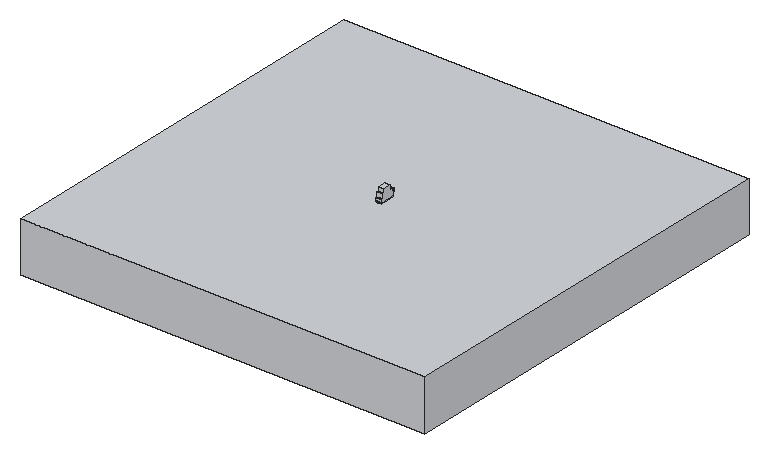
Revit family "Gira_212600", category Elektroinstallationen, Revit 2017
Family settings
  Basisbauteil = Fläche
  Beschriftungsausrichtung beibehalten = Nein
  Bemaßung runder Anschluss = Durchmesser verwenden
  Teiletyp = Normal
  Beim Laden mit Abzugskörper schneiden = Nein
  Gemeinsam genutzt = Nein
  Raumberechnungspunkt = Nein
Parameters (values of type "Binäreing. 6f 10 - 230 V AC/DC KNX REG")
  Default Elevation = 1219.2 mm
  Vor Ort-/Handbedienung = no
  URL = "https://www.gira.de/"
  Typname = "Binäreing. 6f 10 - 230 V AC/DC KNX REG"
  Type Comments = ""
  Stromart = ""
  Schutzart (IP) = ""
  Produktseite = "https://media.stage.bim.site/t/eyJhbGciOiJIUzI1NiIsInR5cCI6IkpXVCJ9.eyJjdCI6MiwidHUiOiJodHRwOi8va2F0YWxvZy5naXJhLmRlL2RlX0RFL2RhdGVuYmxhdHQuaHRtbD9hcnRpa2VsbnI9MjEyNjAwIiwiY2lkIjoiMzI3N2NjMjMtODFhOS00ZWUzLWE5MGEtYjQ3YmI0YzBiNjE2IiwicmlkIjoiMWY4ZTliZDQwMGMxNTg3YzY4NWQ0YTI2MGUzYjhmYWEiLCJwaWQiOiJlMDdlNmRmNjg0YmRhYzE3YzZkMWExMmQ3NWMwOTVlNWJkZjhiYWEyIiwic2lkIjoiNjM0NzAiLCJ1dCI6MSwibGMiOiJkZSIsImlhdCI6MTYwMDkzOTQ0NywiaXNzIjoiaHR0cHM6Ly9hcGkubGl2ZS5iaW0uc2l0ZSIsInN1YiI6ImFkbWluQGJpbXNpdGUuZGV2In0.Cv5Muhsr50u4F9N5Qb3IXpHSccfCIQlJcCmeOFWJlxk"
  Montageart = ""
  Model = ""
  Mit LED-Anzeige = no
  Mit Busankopplung = no
  Max. Schaltleistung [Voltampere] = 0
  Max. Anzahl der Jalousieausgänge = 0
  Kosten = 0
  Installationstechnik = ""
  Hersteller = "Gira"
  HeinzeBIM = "https://www.heinze.de/bim/binaereing-6f-10-230-v-ac-dc-knx-reg/e07e6df684bdac17c6d1a12d75c095e5bdf8baa2"
  HAN = "212600"
  GTIN = "4010337018834"
  Funktion Schalten = no
  Funktion = ""
  Datenblatt 1 = "https://media.stage.bim.site/t/eyJhbGciOiJIUzI1NiIsInR5cCI6IkpXVCJ9.eyJjdCI6MSwidGYiOiJwdWJsaWMvZ2lyYS9hZThjNTU3LzIxMjYwMC50eHQiLCJjaWQiOiIzMjc3Y2MyMy04MWE5LTRlZTMtYTkwYS1iNDdiYjRjMGI2MTYiLCJyaWQiOiIxZjhlOWJkNDAwYzE1ODdjNjg1ZDRhMjYwZTNiOGZhYSIsInBpZCI6ImUwN2U2ZGY2ODRiZGFjMTdjNmQxYTEyZDc1YzA5NWU1YmRmOGJhYTIiLCJzaWQiOiI2MzQ3MCIsInV0IjoxLCJsYyI6ImRlIiwiaWF0IjoxNjAwOTM5NDQ3LCJpc3MiOiJodHRwczovL2FwaS5saXZlLmJpbS5zaXRlIiwic3ViIjoiYWRtaW5AYmltc2l0ZS5kZXYifQ.vr6FHfhVB1dnxlkIzSO08dixOP-6OcwMaGrxMB9KhvY/212600.txt"
  Datenblatt = "https://media.stage.bim.site/t/eyJhbGciOiJIUzI1NiIsInR5cCI6IkpXVCJ9.eyJjdCI6MSwidHUiOiJodHRwczovL2thdGFsb2cuZ2lyYS5kZS9kZV9ERS9kb3dubG9hZC5odG1sP2FydGlrZWxucj0yMTI2MDAiLCJjaWQiOiIzMjc3Y2MyMy04MWE5LTRlZTMtYTkwYS1iNDdiYjRjMGI2MTYiLCJyaWQiOiIxZjhlOWJkNDAwYzE1ODdjNjg1ZDRhMjYwZTNiOGZhYSIsInBpZCI6ImUwN2U2ZGY2ODRiZGFjMTdjNmQxYTEyZDc1YzA5NWU1YmRmOGJhYTIiLCJzaWQiOiI2MzQ3MCIsInV0IjoxLCJsYyI6ImRlIiwiaWF0IjoxNjAwOTM5NDQ3LCJpc3MiOiJodHRwczovL2FwaS5saXZlLmJpbS5zaXRlIiwic3ViIjoiYWRtaW5AYmltc2l0ZS5kZXYifQ.HG0rrxojtxS9G3tDzfFbfUM3usWZAEfYij4ne0PsB4A"
  Bussystem Powernet = no
  Bussystem LON = no
  Bussystem KNX-Funk = no
  Bussystem KNX = no
  Bussystem Funkbus = no
  Breite in Teilungseinheiten = 0
  Beschreibung = "KNX Binäreingang 6fach 10 - 230 V AC DC  REG plus REG-Binäreingänge zum Anschluss von Kontakten. Die Schaltvorgänge von Kontakten (z. B. Wächter bzw. Taster) werden in KNX Telegramme umgesetzt. Die Eingänge können dabei unabhängig voneinander verschiedenen Funktionen zugeordnet oder gesperrt werden. Signalanzeige über gelbe Status-LED möglich.  Merkmale:  Jeder Eingang verfügt über den vollen Funktionsumfang. Alle kanalorientierten Funktionen lassen sich separat für jeden Eingang parametrieren.  Aktiv sendende Telegramme der Eingänge lassen sich nach Busspannungswiederkehr oder nach einem ETS-Programmiervorgang global verzögern.  Entprellzeit und Telegrammratenbegrenzung konfigurierbar.  Freie Zuordnung der Funktionen Schalten, Dimmen, Jalousie, Wertgeber und Impulszähler zu den Eingängen.  Sperrobjekt zum Sperren einzelner Eingänge (Polarität des Sperrobjekts einstellbar) für die Funktionen Schalten, Dimmen, Jalousie und Wertgeber.  Verhalten bei Busspannungswiederkehr für jeden Eingang separat parametrierbar.  Funktion Schalten: zwei unabhängige Schaltobjekte für jeden Eingang vorhanden (Schaltbefehle sind einzeln parametrierbar), Befehl bei steigender und fallender Flanke unabhängig einstellbar (EIN, AUS, UM, keine Reaktion), unabhängiges zyklisches Senden der Schaltobjekte in Abhängigkeit der Flanke oder in Abhängigkeit des Objektwerts wählbar.  Funktion Dimmen: Einflächen- und Zweiflächenbedienung, Zeit zwischen Dimmen und Schalten und Dimmschrittweite einstellbar, Telegrammwiederholung und Stopptelegramm senden möglich.  Funktion Jalousie: Befehl bei steigender Flanke einstellbar (keine Funktion, AUF, AB, UM), Bedienkonzept parametrierbar (Step - Move - Step oder Move - Step), Zeit zwischen Kurz- und Langzeitbetrieb einstellbar (nur bei Step - Move - Step), Lamellenverstellzeit einstellbar.  Funktion Wertgeber: Flanke (Taster als Schließer, Taster als Öffner, Schalter) und Wert bei Flanke parametrierbar, Wertverstellung bei Taster über langen Tastendruck für Wertgeber möglich, Lichtszenennebenstelle mit Speicherfunktion auch Speicherung der Szene ohne vorherigen Abruf möglich.  Funktion Impulszähler: Zählintervall einstellbar, Flanke (Zählen bei steigender Flanke, Zählen bei fallender Flanke, Zählen bei steigender und fallender Flanke) parametrierbar, Anzahl der erforderlichen Impulse am Eingang parametrierbar, Anzahl der erforderlichen Zählimpulse für eine Zähleränderung parametrierbar, Jeder Eingang beinhaltet einen Hauptzähler und einen Zwischenzähler, Hauptzähler und Zwischenzähler können getrennt voneinander als Vorwärts- oder Rückwärtszähler arbeiten, Start- und Endwerte der Zähler können über Parameter oder Kommunikationsobjekt vorgegeben werden, Abfrage Zählerstand über KNX oder automatisch, Verhalten nach Ablauf des Zählers ist parametrierbar, Impulszähler über KNX zurücksetzten (Zähler-Reset).  Der Binäreingang hat sechs voneinander unabhängige Eingänge an die elektrische Signale im Spannungsbereich von 10 bis 230 V angeschlossen werden.  Eingänge 1 bis 3 und Eingänge 4 bis 6 haben jeweils ein gemeinsames Bezugspotenzial. Es sind daher pro Eingangsgruppe unterschiedliche Außenleiter anschließbar, z. B.: E1-E3 = L1 und E4-E6 = L2.  Auswertung von Gleichspannungssignale (DC) oder Wechselspannungssignale (AC)."
  Assembly Code = ""
  Keynote = ""
  BIMSITE_PRODUCT_ID = "e07e6df684bdac17c6d1a12d75c095e5bdf8baa2"
  BIM = "https://media.stage.bim.site/t/eyJhbGciOiJIUzI1NiIsInR5cCI6IkpXVCJ9.eyJjdCI6MSwidGYiOiJwdWJsaWMvZ2lyYS9hZThjNTU3L0dpcmEgWDEgUkVHIEtOWC5yZmEiLCJjaWQiOiIzMjc3Y2MyMy04MWE5LTRlZTMtYTkwYS1iNDdiYjRjMGI2MTYiLCJyaWQiOiIxZjhlOWJkNDAwYzE1ODdjNjg1ZDRhMjYwZTNiOGZhYSIsInBpZCI6ImUwN2U2ZGY2ODRiZGFjMTdjNmQxYTEyZDc1YzA5NWU1YmRmOGJhYTIiLCJzaWQiOiI2MzQ3MCIsInV0Ijo1LCJsYyI6ImRlIiwiaWF0IjoxNjAwOTM5NDQ3LCJpc3MiOiJodHRwczovL2FwaS5saXZlLmJpbS5zaXRlIiwic3ViIjoiYWRtaW5AYmltc2l0ZS5kZXYifQ.hhh6dJvmrAzsig4hqiL0OJ_Qad3GGscmfdLoDBvhIZ0/Gira X1 REG KNX.rfa"
  Anzahl der Eingänge = 0
  Andere Bussysteme = ""
Reference planes
  plane 1 "Center (Front/Back)": y = 0
  plane 2: z = 0
  plane 3 "Center (Left/Right)": x = 0
Forms (mm)
  Extrusion 1, solid
    sketch origin (0, 0, 0) x (1, 0, 0) y (0, 1, 0)
      loop
        line (-1219.2, 1219.2) -> (-1219.2, -1219.2) -> (1219.2, -1219.2) -> (1219.2, 1219.2) -> (-1219.2, 1219.2)
    from 0 to -304.8
  Extrusion 2, solid, detail levels fine
    sketch origin (0, -0.2, 0) x (0, 1, 0) y (0, 0, 1)
      loop
        line (22.65, 43.82) -> (22.65, 68.77) -> (-22.25, 68.77) -> (-22.25, 43.82) -> (-30.4, 43.82) -> (-30.4, 19.42) -> (-44.8, 19.42) -> (-44.8, 1.97) -> (45.192, 1.97) -> (45.192, 28.47) -> (32.925, 28.47) -> (32.831, 39.259) -> (31.225, 41.242) -> (31.225, 43.82) -> (22.65, 43.82)
    from -17.95 to 17.95
  Extrusion 3, solid, detail levels fine
    sketch origin (0, -0.2, 0) x (0, 1, 0) y (0, 0, 1)
      loop
        line (45.192, 43.82) -> (31.225, 43.82) -> (31.225, 41.242) -> (32.831, 39.259) -> (32.925, 28.47) -> (45.192, 28.47) -> (45.192, 43.82)
    from -17.95 to -15.8
  Extrusion 4, solid, detail levels fine
    sketch origin (0, -0.2, 0) x (0, 1, 0) y (0, 0, -1)
      loop
        line (45.192, -43.82) -> (45.192, -28.47) -> (32.925, -28.47) -> (32.831, -39.259) -> (31.225, -41.242) -> (31.225, -43.82) -> (45.192, -43.82)
    from -17.95 to -15.8
  Extrusion 5, solid, detail levels fine
    sketch origin (0, -0.2, 0) x (0, 1, 0) y (0, 0, 1)
      loop
        line (31.5, 42.848) -> (31.5, 40.412)
        arc (31.5, 40.412) -> (38.359, 39.512) -> (45.192, 38.435) r 267
        line (45.192, 38.435) -> (45.192, 14.255)
        arc (45.192, 14.255) -> (50.205, 15.189) -> (55.2, 16.219) r 264.9
        line (55.2, 16.219) -> (55.2, 38.933)
        arc (55.2, 38.933) -> (43.394, 41.159) -> (31.5, 42.848) r 265
    from -15.506 to 15.5
  Extrusion 6, solid, detail levels fine
    sketch origin (0, -0.2, 0) x (0, 1, 0) y (0, 0, 1)
      loop
        line (45.2, 1.5) -> (17.774, 1.5) -> (17.905, -6.017)
        arc (17.905, -6.017) -> (20.285, -6.454) -> (22.7, -6.6) r 20
        arc (22.7, -6.6) -> (33.985, -5.009) -> (45.128, -2.618) r 160
        line (45.128, -2.618) -> (45.2, 1.5)
    from -17.95 to 18
  Extrusion 7, solid, detail levels fine
    sketch origin (0, -0.2, 0) x (0, 1, 0) y (0, 0, 1)
      loop
        line (17.905, -6.017) -> (17.824, -1.4) -> (16.8, -1.4) -> (14.749, -4.952)
        arc (14.749, -4.952) -> (16.305, -5.55) -> (17.905, -6.017) r 20
    from -17.95 to -13
  Extrusion 8, solid, detail levels fine
    sketch origin (0, -0.2, 0) x (0, 1, 0) y (0, 0, -1)
      loop
        arc (17.905, 6.017) -> (16.305, 5.55) -> (14.749, 4.952) r 20
        line (14.749, 4.952) -> (16.8, 1.4) -> (17.824, 1.4) -> (17.905, 6.017)
    from -17.95 to -13
  Extrusion 9, solid, detail levels fine
    sketch origin (0, -0.2, 0) x (0, 1, 0) y (0, 0, 1)
      loop
        line (17.8, 0) -> (17.774, 1.5) -> (-44.8, 1.5) -> (-44.774, 0) -> (17.8, 0)
    from -17.95 to 17.95
  Extrusion 10, solid, detail levels fine
    sketch origin (0, 0, 0) x (0, 1, 0) y (0, 0, 1)
      loop
        line (-48.916, -3.317) -> (-44.906, -3.881) -> (-44.974, 0) -> (-48.916, 0) -> (-48.916, -3.317)
    from -4.803 to 4.797
  Extrusion 11, solid, detail levels fine
    sketch origin (0, 0, 0) x (0, 1, 0) y (0, 0, 1)
      loop
        arc (-22.5, -6.6) -> (-20.811, -6.529) -> (-19.134, -6.315) r 20
        line (-19.134, -6.315) -> (-18.029, -3.279) -> (-18, 0) -> (-44.974, 0) -> (-44.928, -2.618)
        arc (-44.928, -2.618) -> (-33.785, -5.009) -> (-22.5, -6.6) r 160
    from -17.95 to -10.5
  Extrusion 12, solid, detail levels fine
    sketch origin (0, 0, 0) x (0, 1, 0) y (0, 0, -1)
      loop
        arc (-22.5, 6.6) -> (-33.785, 5.009) -> (-44.928, 2.618) r 160
        line (-44.928, 2.618) -> (-44.974, 0) -> (-18, 0) -> (-18.029, 3.279) -> (-19.134, 6.315)
        arc (-19.134, 6.315) -> (-20.811, 6.529) -> (-22.5, 6.6) r 20
    from -17.95 to -10.5
  Extrusion 13, solid, detail levels fine
    sketch origin (0, 0, 0) x (0, 1, 0) y (0, 0, 1)
      loop
        line (-30.708, -6.6) -> (-30.65, 0) -> (-44.974, 0) -> (-44.859, -6.6) -> (-30.708, -6.6)
    from -10.5 to 10.5
  Extrusion 14, solid, detail levels fine
    sketch origin (0, 0, 0) x (1, 0, 0) y (0, 1, 0)
      loop
        circle (-0.003, -20.023) r 1
    from -7.682 to 0
  Extrusion 15, solid, detail levels fine
    sketch origin (0, 0, 0) x (0, 1, 0) y (0, 0, 1)
      loop
        line (-17.523, -0.8) -> (-17.523, 0) -> (-30.65, 0) -> (-30.684, -3.9) -> (-27.106, -3.9) -> (-27.106, -5.6) -> (-19.623, -6.6) -> (-18.03, -6.6) -> (-15.023, -2.682) -> (-15.023, -1.517) -> (-17.523, -0.8)
    from -4.503 to 4.5
  Extrusion 16, solid, detail levels fine
    sketch origin (0, 0, 0) x (1, 0, 0) y (0, 1, 0)
      loop
        line (16.859, 43.848) -> (-16.859, 43.848) -> (-16.859, -43.859) -> (16.859, -43.859) -> (16.859, 43.848)
    from 1.5 to 4
  Extrusion 17, solid, detail levels medium
    sketch origin (0, 0, 0) x (0, 1, 0) y (0, 0, 1)
      loop
        line (22.45, 68.77) -> (-22.45, 68.77) -> (-22.45, 43.82) -> (-30.6, 43.82) -> (-30.6, 19.42) -> (-45, 19.42) -> (-45, 0) -> (-48.916, 0) -> (-48.916, -6.6) -> (-15.023, -6.6) -> (-15.023, 0) -> (14.549, 0) -> (14.549, -6.6) -> (44.992, -6.6) -> (44.992, 14.255)
        arc (44.992, 14.255) -> (50.005, 15.189) -> (55, 16.219) r 264.9
        line (55, 16.219) -> (55, 38.933)
        arc (55, 38.933) -> (50.005, 39.943) -> (44.992, 40.856) r 265
        line (44.992, 40.856) -> (44.992, 43.82) -> (22.45, 43.82) -> (22.45, 68.77)
    from -17.95 to 17.95
  Extrusion 18, solid, detail levels coarse
    sketch origin (0, 0, 0) x (1, 0, 0) y (0, 1, 0)
      loop
        line (-17.95, 55) -> (-17.95, -48.916) -> (17.95, -48.916) -> (17.95, 55) -> (-17.95, 55)
    from -7.682 to 68.77
Dimensions and locks
  aligned and locked: plane 2 to Extrusion 1
  aligned and locked: level to Extrusion 1
Connectors
  electrical at (0, -13.687, 0)
    settings: on Extrusion 9, index 1, voltage 24 V, apparent load 0 VA, apparent load phase1 0 VA, apparent load phase2 0 VA, apparent load phase3 0 VA, power factor 1, load classification "Other", number of poles 1, system type 30, power factor state 1, is connector primary yes, connector utility no, sub classification motor no, connector description ""
